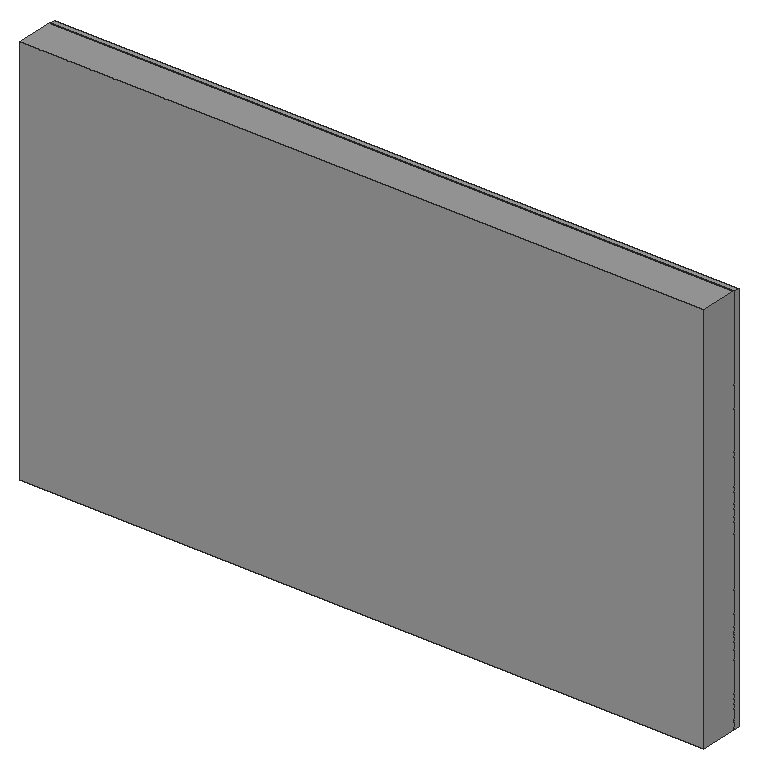
Revit family "Pluraluce M LED 1-s Sentr (venstre_veggmontasje)", category Lighting Fixtures, Revit 2013
Parameters (values of type "20m")
  Width = 10 mm
  Wattage Comments = "17 W"
  Wattage = 9.2903 W
  built-in parameter 1150110 = 1 (stored number, unit not read)
  Voltage = 230 V
  URL = ""
  built-in parameter 1114217 = 1 (stored number, unit not read)
  Tilt Angle = 90.00°
  built-in parameter 1150109 = 1 (stored number, unit not read)
  built-in parameter 1150134 = 3
  Symbol Positive Direction [instance] = yes
  Symbol Offset Side [instance] = 0 mm
  Symbol Offset Out [instance] = 0 mm
  built-in parameter 1150113 = 1 (stored number, unit not read)
  Reference Line Out [instance] = 50 mm
  Photometric Web File = "20x42A12.ies"
  Number of Poles = 1
  built-in parameter 1150105 = 109.82 (stored number, unit not read)
  Lumens = 1380 lm
  built-in parameter 1150115 = 1 (stored number, unit not read)
  Load Classification [instance] = Other
  Model = ""
  Manufacturer = ""
  built-in parameter 1150137 = (empty or 0)
  built-in parameter 1150139 = (empty or 0)
  Length 1 = Length - 30 mm  # 205 mm
  Length = 235 mm
  built-in parameter 1150112 = 1 (stored number, unit not read)
  built-in parameter 1150114 = 1 (stored number, unit not read)
  Lamp = "1"
  built-in parameter 1150132 = (empty or 0)
  built-in parameter 1150102 = (empty or 0)
  built-in parameter 1150107 = 3200 (stored number, unit not read)
  built-in parameter 1150138 = (empty or 0)
  built-in parameter 1150106 = 1.0982 (stored number, unit not read)
  Height 1 = Height - 30 mm  # 105 mm
  Height = 135 mm
  Emit from Rectangle Width = Height  # 135 mm
  Emit from Rectangle Length = Length  # 235 mm
  Emit Shape Visible in Rendering = no
  built-in parameter 1150104 = 13.8 (stored number, unit not read)
  Dimming Lamp Color Temperature Shift = <None>
  Description = ""
  Color Filter = 16777215
  Body Material and Colour = Default
  built-in parameter 1114218 = 1 (stored number, unit not read)
  built-in parameter 1150133 = 10 (stored number, unit not read)
  Assembly Code = ""
  Apparent Load = 17 VA
  30m = no
  20m = yes
Types (2, lengths in mm): name | Reference Line Out | Length 1 | Length | Height 1 | Height | Emit from Rectangle Width | Emit from Rectangle Length | 30m | 20m
  20m | 50 | 205 | 235 | 105 | 135 | 135 | 235 | no | yes
  30m | 139.852 | 305 | 335 | 155 | 185 | 185 | 335 | yes | no
Reference planes
  plane 1 "Light Source Axis (F/B)": y = 119.961
  plane 2 "Top": z = 83
  plane 3 "Light Source Axis (L/R)": x = 0
  plane 4 "Level": z = 0
  plane 5 "Bottom": z = -135
  plane 6: x = -117.5
  plane 7: x = 117.5
  plane 8: y = 132.961
  plane 9: y = 134.961
  plane 10: z = -15
  plane 11: x = -102.5
  plane 12: x = 102.5
  plane 13: z = -67.5
  plane 14: z = -120
Forms (mm)
  Extrusion 1, solid, material "Default" <- "Body Material and Colour"
    sketch origin (0, 119.961, 0) x (1, 0, 0) y (0, 0, 1)
      loop
        line (-117.5, 0) -> (-117.5, -135) -> (117.5, -135) -> (117.5, 0) -> (-117.5, 0)
    from 0 to -13
  Extrusion 2, solid, material "Default" <- "Body Material and Colour"
    sketch origin (0, 119.961, 0) x (1, 0, 0) y (0, 0, 1)
      loop
        line (-117.5, 0) -> (-117.5, -135) -> (117.5, -135) -> (117.5, 0) -> (-117.5, 0)
      loop
        line (-102.5, -15) -> (-102.5, -120) -> (102.5, -120) -> (102.5, -15) -> (-102.5, -15)
    from -15 to -13
Lines and regions (mm)
  model lines, style "InvisibleLines"
    curve 1: line (0, 119.961, 0) -> (0, 169.961, 0)
Dimensions and locks
  equal spacing: plane 6, plane 3 "Light Source Axis (L/R)", plane 7
  "Length": plane 6 to plane 7
  plane 8 to plane 1 "Light Source Axis (F/B)" = 13 mm
  locked: plane 9 to plane 8 at 2
  equal spacing: plane 4 "Level", plane 13, plane 5 "Bottom"
  "Height": plane 4 "Level" to plane 5 "Bottom"
  equal spacing: plane 11, plane 3 "Light Source Axis (L/R)", plane 12
  "Length 1": plane 11 to plane 12
  equal spacing: plane 10, plane 13, plane 14
  "Height 1": plane 10 to plane 14
  locked: plane 1 "Light Source Axis (F/B)" to plane 9 at 15
  "Reference Line Out": plane 1 "Light Source Axis (F/B)" to curve 1
  aligned and locked: plane 4 "Level" to level
  aligned and locked: plane 8 to nested 2
  aligned and locked: nested 2 to plane 13
  aligned and locked: plane 3 "Light Source Axis (L/R)" to nested 3
  aligned and locked: plane 1 "Light Source Axis (F/B)" to nested 3
  aligned and locked: plane 8 to nested 1
  aligned and locked: plane 4 "Level" to Extrusion 1 sketch curve
  aligned and locked: plane 6 to Extrusion 1 sketch curve
  aligned and locked: plane 5 "Bottom" to Extrusion 1 sketch curve
  aligned and locked: Extrusion 1 sketch curve to plane 7
  aligned and locked: Extrusion 1 to plane 8
  aligned and locked: plane 1 "Light Source Axis (F/B)" to Extrusion 1
  aligned and locked: plane 4 "Level" to Extrusion 2 sketch curve
  aligned and locked: Extrusion 2 sketch curve to plane 7
  aligned and locked: plane 5 "Bottom" to Extrusion 2 sketch curve
  aligned and locked: plane 6 to Extrusion 2 sketch curve
  aligned and locked: Extrusion 2 sketch curve to plane 10
  aligned and locked: plane 11 to Extrusion 2 sketch curve
  aligned and locked: plane 14 to Extrusion 2 sketch curve
  aligned and locked: Extrusion 2 sketch curve to plane 12
  aligned and locked: plane 8 to Extrusion 2
  aligned and locked: Extrusion 2 to plane 9
  aligned and locked: nested 1 to plane 13
  aligned and locked: plane 13 to imposter light
  aligned and locked: imposter light to plane 9
  aligned and locked: plane 1 "Light Source Axis (F/B)" to curve 1
  aligned and locked: plane 3 "Light Source Axis (L/R)" to curve 1
Nested families
  nested 1: "20m_venstre" at (0, 132.961, -67.5), visible <- "20m", type "20m"
  nested 2: "30m_venstre" at (0, 132.961, -67.5), visible <- "30m", type "30m"
  nested 3: "MarkeringslysS" at (0, 119.961, 0), type "Type 1"
Connectors
  electrical at (0, 119.961, 0), driven by "Number of Poles", driven by "Voltage", driven by "Apparent Load", driven by "Load Classification"
    settings: index 1, voltage 230 V, apparent load 0 VA, apparent load phase1 17 VA, apparent load phase2 0 VA, apparent load phase3 0 VA, power factor 1, load classification "Other", number of poles 1, system type 31, power factor state 1, is connector primary yes, connector utility no, sub classification motor no, connector description ""
Definition of nested family "20m_venstre"
  Parameters (values of type "20m")
    Material = yes
    L = 205 mm
    H = 135 mm
  Reference planes
    plane 1 "Center (Front/Back)": y = 0
    plane 2: z = 0
    plane 3 "Center (Left/Right)": x = 0
    plane 4: y = -2
  Forms (mm)
    Extrusion 1, solid, material "Green", visible <- "Material"
      sketch origin (453.48, 0, -265.275) x (1, 0, 0) y (0, 0, 1)
        loop
          line (-555.98, 317.775) -> (-555.98, 212.775) -> (-350.98, 212.775) -> (-350.98, 317.775) -> (-555.98, 317.775)
        loop
          line (-397.028, 246.157) -> (-377.91, 265.275) -> (-397.028, 284.392) -> (-408.499, 284.392) -> (-395.116, 271.01) -> (-442.91, 271.01) -> (-442.91, 259.539) -> (-395.116, 259.539) -> (-408.499, 246.157) -> (-397.028, 246.157)
        loop
          circle (-469.766, 303.483) r 7
        loop
          line (-475.5, 291.17) -> (-481.111, 295.878) -> (-514.738, 289.33) -> (-523.167, 276.351)
          arc (-523.167, 276.351) -> (-523.437, 274.892) -> (-522.597, 273.669) r 1.939
          line (-522.597, 273.669) -> (-520.357, 272.215)
          arc (-520.357, 272.215) -> (-518.849, 271.956) -> (-517.622, 272.872) r 1.939
          line (-517.622, 272.872) -> (-511.565, 283.363) -> (-494.748, 286.638) -> (-511.024, 258.447) -> (-527.794, 258.447)
          arc (-527.794, 258.447) -> (-530.079, 257.5) -> (-531.025, 255.215) r 3.232
          line (-531.025, 255.215) -> (-531.025, 251.984)
          arc (-531.025, 251.984) -> (-530.079, 249.699) -> (-527.794, 248.752) r 3.232
          line (-527.794, 248.752) -> (-494.232, 248.752) -> (-489.068, 257.695) -> (-482.551, 252.226) -> (-482.551, 225.892)
          arc (-482.551, 225.892) -> (-481.604, 223.607) -> (-479.319, 222.661) r 3.232
          line (-479.319, 222.661) -> (-476.087, 222.661)
          arc (-476.087, 222.661) -> (-473.802, 223.607) -> (-472.856, 225.892) r 3.232
          line (-472.856, 225.892) -> (-472.856, 256.746) -> (-484.146, 266.22) -> (-479.224, 274.746) -> (-468.474, 265.726)
          arc (-468.474, 265.726) -> (-467.059, 265.28) -> (-465.743, 265.965) r 1.939
          line (-465.743, 265.965) -> (-464.081, 267.946)
          arc (-464.081, 267.946) -> (-463.635, 269.361) -> (-464.32, 270.677) r 1.939
          line (-464.32, 270.677) -> (-475.942, 280.43) -> (-471.849, 287.519) -> (-475.5, 291.17)
      from 0 to 2
  Dimensions and locks
    aligned and locked: level to plane 2
Definition of nested family "30m_venstre"
  Parameters (values of type "30m")
    Material = yes
    L = 425.577 mm
    H = 260 mm
  Reference planes
    plane 1 "Center (Front/Back)": y = 0
    plane 2: z = 0
    plane 3 "Center (Left/Right)": x = 0
    plane 4: y = -2
  Forms (mm)
    Extrusion 1, solid, material "Green", visible <- "Material"
      sketch origin (0, 0, 0) x (1, 0, 0) y (0, 0, 1)
        loop
          line (-152.5, 77.5) -> (-152.5, -77.5) -> (152.5, -77.5) -> (152.5, 77.5) -> (-152.5, 77.5)
        loop
          line (100.116, -33.333) -> (133.449, 0) -> (100.116, 33.333) -> (80.116, 33.333) -> (103.449, 10) -> (20.116, 10) -> (20.116, -10) -> (103.449, -10) -> (80.116, -33.333) -> (100.116, -33.333)
        loop
          circle (-34.197, 48.678) r 8.988
        loop
          line (-41.559, 32.868) -> (-48.764, 38.913) -> (-91.942, 30.506) -> (-102.764, 13.841)
          arc (-102.764, 13.841) -> (-103.111, 11.967) -> (-102.032, 10.397) r 2.49
          line (-102.032, 10.397) -> (-99.157, 8.53)
          arc (-99.157, 8.53) -> (-97.22, 8.197) -> (-95.645, 9.373) r 2.49
          line (-95.645, 9.373) -> (-87.867, 22.844) -> (-66.274, 27.049) -> (-87.172, -9.148) -> (-108.705, -9.148)
          arc (-108.705, -9.148) -> (-111.639, -10.364) -> (-112.855, -13.298) r 4.149
          line (-112.855, -13.298) -> (-112.855, -17.447)
          arc (-112.855, -17.447) -> (-111.639, -20.381) -> (-108.705, -21.597) r 4.149
          line (-108.705, -21.597) -> (-65.611, -21.597) -> (-58.981, -10.114) -> (-50.612, -17.137) -> (-50.612, -50.949)
          arc (-50.612, -50.949) -> (-49.397, -53.883) -> (-46.463, -55.098) r 4.149
          line (-46.463, -55.098) -> (-42.313, -55.098)
          arc (-42.313, -55.098) -> (-39.379, -53.883) -> (-38.164, -50.949) r 4.149
          line (-38.164, -50.949) -> (-38.164, -11.332) -> (-52.661, 0.833) -> (-46.341, 11.78) -> (-32.538, 0.198)
          arc (-32.538, 0.198) -> (-30.721, -0.375) -> (-29.031, 0.505) r 2.49
          line (-29.031, 0.505) -> (-26.897, 3.048)
          arc (-26.897, 3.048) -> (-26.324, 4.865) -> (-27.204, 6.556) r 2.49
          line (-27.204, 6.556) -> (-42.127, 19.078) -> (-36.872, 28.181) -> (-41.559, 32.868)
      from 0 to 2
  Dimensions and locks
    aligned and locked: level to plane 2
    aligned and locked: plane 4 to Extrusion 1
    aligned and locked: Extrusion 1 to plane 1 "Center (Front/Back)"
    aligned and locked: Extrusion 1 to plane 4
Definition of nested family "MarkeringslysS"
  Parameters (values of type "Type 1")
    CQ Symbol Positive Direction = yes
    CQ Symbol Negative Direction = not(CQ Symbol Positive Direction)  # no
    CQ Symbol Offset Side = 0 mm
    CQ Symbol Offset Out = 0 mm
  Reference planes
    plane 1: y = 0
    plane 2: x = 0
  Dimensions and locks
    "CQ Symbol Offset Out": plane 1 to nested 1
    "CQ Symbol Offset Out": plane 1 to nested 2
    "CQ Symbol Offset Side": plane 2 to nested 2
    "CQ Symbol Offset Side": nested 1 to plane 2
  Nested families
    nested 1: "LedelysSub" at (0, 0, 0), visible <- "CQ Symbol Negative Direction", type "Type 1"
    nested 2: "LedelysSub" at (0, 0, 0), visible <- "CQ Symbol Positive Direction", type "Type 1"
  Definition of nested family "LedelysSub"
    Reference planes
      plane 1: y = 0
      plane 2: x = 0
    Lines and regions (mm)
      Filled region 1, type "Filled region 1"
        outline origin (64.576, 53.459, 0) x (1, 0, 0) y (0, 1, 0)
          loop
            arc (-65.575, -52.307) -> (-65.224, -51.459) -> (-65.575, -50.61) r 1.2
            line (-65.575, -50.61) -> (-66.424, -51.459) -> (-65.575, -52.307)
      Filled region 2, type "Filled region 1"
        outline origin (-68.271, 53.459, 0) x (0, 1, 0) y (-1, 0, 0)
          loop
            line (-52.307, -65.575) -> (-51.459, -66.424) -> (-50.61, -65.575)
            arc (-50.61, -65.575) -> (-51.459, -65.224) -> (-52.307, -65.575) r 1.2
      detail lines
        curve 1: line (-4, 0, 0) -> (4, 0, 0)
        curve 2: line (4, 0, 0) -> (4, 4, 0)
        curve 3: line (4, 4, 0) -> (-4, 4, 0)
        curve 4: line (-4, 4, 0) -> (-4, 0, 0)
        curve 5: line (-3.097, 0.75, 0) -> (-0.597, 3.25, 0)
        curve 6: line (-3.097, 3.25, 0) -> (-0.597, 0.75, 0)
        curve 7: circle (-1.847, 2, 0) r 1.2 normal (0, 0, 1)
    Text (mm)
      text "ML" at (2.179, 3.025, 0)
    Dimensions and locks
      aligned and locked: Filled region 1 sketch curve to curve 7
